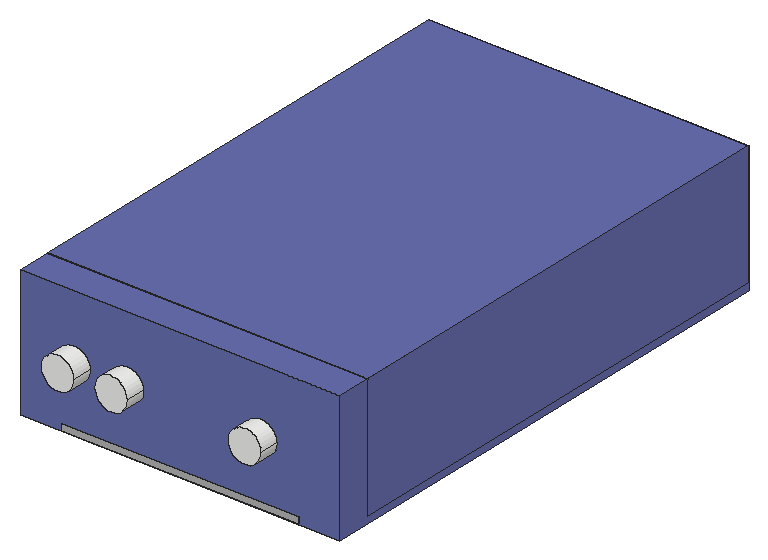
Revit family "Lagur Pro Controller", category Electrical Equipment, host Face, Revit 2020
Family settings
  Host = Face
  Round Connector Dimension = Use Diameter
  Part Type = Equipment Switch
  OmniClass Number = 23.85.50.17
  OmniClass Title = Communication and Data Processing Equipment
  Cut with Voids When Loaded = No
  Shared = No
  Room Calculation Point = No
Parameters (values of type "Lagur Controller Data Control")
  Width = 148 mm
  Version = "1.0"
  Uniclass2015Version = ""
  Uniclass2015Title = ""
  Uniclass2015Description = ""
  Uniclass2015Code = ""
  URL = "https://lagur.dk/"
  UNSPSCCode = ""
  Revision = ""
  ProductInformation = ""
  NominalDepth = ""
  NominaHeight = ""
  Model = "Lagur Pro Controller Data Control"  # constant formula
  Manufacturer = "Lagur"  # constant formula
  IfcExportType = ""
  IfcExportAs = ""
  IfcClassification = ""
  Height = 252 mm
  Depth = 60 mm
  Default Elevation = 1200 mm
  CobieTypeCategory = ""
  AuthorURL = "www.prodlib.com"
  Author = "ProdLib"  # constant formula
Reference planes
  plane 1 "Center (Front/Back)": y = 0
  plane 2: z = 0
  plane 3 "Center (Left/Right)": x = 0
  plane 4: y = -110
  plane 5: y = 110
  plane 6: x = -74
  plane 7: x = 74
  plane 8: z = 60
  plane 9: x = -24.667
  plane 10: x = 37
  plane 11: z = 30
  plane 12: x = -32.167
  plane 13: x = -17.167
  plane 14: x = 29.5
  plane 15: x = 44.5
  plane 16: x = -49.333
  plane 17: x = -56.833
  plane 18: x = -41.833
Forms (mm)
  Extrusion 1, solid, material "Steel", detail levels medium+fine
    sketch origin (0, 0, 0) x (1, 0, 0) y (0, 1, 0)
      loop
        line (-74, -110) -> (74, -110) -> (74, 110) -> (-74, 110) -> (-74, -110)
    from 3 to 60
  Extrusion 2, solid, material "Plastic", detail levels medium+fine
    sketch origin (0, 0, 0) x (1, 0, 0) y (0, 0, 1)
      loop
        circle (-24.667, 30) r 7.5
    from 110 to 135
  Extrusion 3, solid, material "Plastic", detail levels medium+fine
    sketch origin (69.5, 0, 0) x (1, 0, 0) y (0, 0, 1)
      loop
        circle (-32.5, 30) r 7.5
    from 110 to 135
  Extrusion 4, solid, material "Plastic", detail levels medium+fine
    sketch origin (-24.667, 0, 0) x (1, 0, 0) y (0, 0, 1)
      loop
        circle (-24.667, 30) r 7.5
    from 110 to 135
  Extrusion 5, solid, material "Steel"
    sketch origin (0, 0, 0) x (1, 0, 0) y (0, 1, 0)
      loop
        line (-55, 126) -> (-55, -126) -> (55, -126) -> (55, 126) -> (-55, 126)
    from 0 to 3
  Extrusion 6, solid, material "Steel"
    sketch origin (0, 0, 0) x (1, 0, 0) y (0, 1, 0)
      loop
        line (-74, 110) -> (-74, -126) -> (74, -126) -> (74, 110) -> (-74, 110)
    from 0 to 60
Dimensions and locks
  equal spacing: plane 6, plane 3 "Center (Left/Right)", plane 7
  equal spacing: plane 5, plane 1 "Center (Front/Back)", plane 4, locked at 110 each
  "Width": plane 6 to plane 7
  "Depth": plane 8 to level
  equal spacing: plane 3 "Center (Left/Right)", plane 10, plane 7
  equal spacing: plane 8, plane 11, level
  equal spacing: plane 12, plane 9, plane 13
  plane 14 to plane 15 = 15 mm
  plane 3 "Center (Left/Right)" to plane 7 = 74 mm
  equal spacing: plane 6, plane 16, plane 9, plane 3 "Center (Left/Right)"
  plane 17 to plane 18 = 15 mm
  equal spacing: Extrusion 5 sketch curve, plane 3 "Center (Left/Right)", Extrusion 5 sketch curve, locked at 55 each
  Extrusion 5 sketch curve to plane 1 "Center (Front/Back)" to Extrusion 5 sketch curve = 126 mm locked, 126 mm locked
  aligned and locked: plane 2 to host face
  aligned and locked: level to host face
  aligned and locked: Extrusion 1 sketch curve to plane 4
  aligned and locked: Extrusion 1 sketch curve to plane 6
  aligned and locked: Extrusion 1 sketch curve to plane 5
  aligned and locked: Extrusion 1 sketch curve to plane 7
  aligned and locked: plane 8 to Extrusion 1
  aligned and locked: plane 12 to Extrusion 2 sketch curve
  aligned and locked: plane 11 to Extrusion 2 sketch curve
  aligned and locked: plane 13 to Extrusion 2 sketch curve
  aligned and locked: plane 4 to Extrusion 2
  aligned and locked: plane 14 to Extrusion 3 sketch curve
  aligned and locked: plane 15 to Extrusion 3 sketch curve
  aligned and locked: plane 4 to Extrusion 3
  aligned and locked: plane 17 to Extrusion 4 sketch curve
  aligned and locked: plane 18 to Extrusion 4 sketch curve
  aligned and locked: Extrusion 1 to Extrusion 5
  aligned and locked: Extrusion 6 sketch curve to Extrusion 1  (x2)
  aligned and locked: plane 7 to Extrusion 6 sketch curve
  aligned and locked: Extrusion 6 to Extrusion 5
  aligned and locked: plane 8 to Extrusion 6
  aligned and locked: Extrusion 6 to level
Automatic sketch dimensions
  host sketch curve to host sketch curve = 2438.4 mm  (x2)
  Extrusion 3 sketch curve to Extrusion 3 sketch curve = 0 mm
  Extrusion 3 sketch curve to plane 11 = 0 mm
  Extrusion 4 sketch curve to Extrusion 4 sketch curve = 0 mm
  Extrusion 4 sketch curve to plane 11 = 0 mm
  Extrusion 5 sketch curve to plane 16 = 5.667 mm
  Extrusion 6 sketch curve to plane 4 = 16 mm
Connectors
  electrical at (-24.667, -135, 30)
    settings: on Extrusion 2, index 1, voltage 230 V, apparent load 0 VA, apparent load phase1 0 VA, apparent load phase2 0 VA, apparent load phase3 0 VA, power factor 1, load classification "Power", number of poles 1, system type 30, power factor state 0, is connector primary yes, connector utility no, sub classification motor no, connector description "Power cable"
  electrical at (37, -135, 30)
    settings: on Extrusion 3, index 2, voltage 0 V, apparent load 0 VA, apparent load phase1 0 VA, apparent load phase2 0 VA, apparent load phase3 0 VA, power factor 1, load classification "Other", number of poles 1, system type 5, power factor state 1, is connector primary no, connector utility no, sub classification motor no, connector description "Controller cable"
  electrical at (-49.333, -135, 30)
    settings: on Extrusion 4, index 3, voltage 0 V, apparent load 0 VA, apparent load phase1 0 VA, apparent load phase2 0 VA, apparent load phase3 0 VA, power factor 1, load classification "Other", number of poles 1, system type 9, power factor state 1, is connector primary no, connector utility no, sub classification motor no, connector description "GSM"
